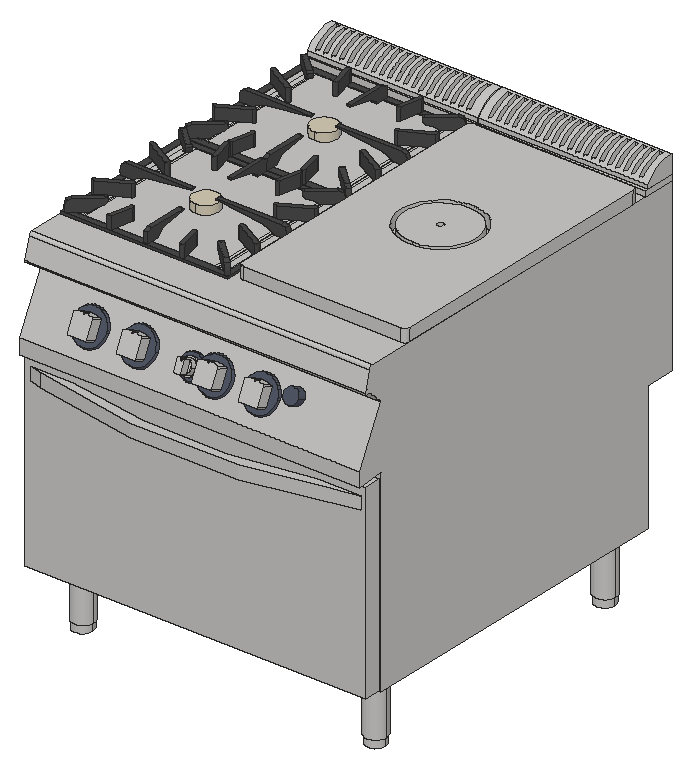
Revit family "QF_ZANUSSI_392264_Z9STGH10GA", category Specialty Equipment, Revit 2018 (continued)
Definition of nested family "QF_392020_BURNER"
  Automatic sketch dimensions
    Extrusion 6 sketch curve to plane 10 = 64.377 mm
    Extrusion 6 sketch curve to Extrusion 6 sketch curve = 326.397 mm
    Extrusion 6 sketch curve to plane 6 "TOP" = 28.141 mm
    Extrusion 6 sketch curve to Extrusion 6 sketch curve = 16.281 mm
    Extrusion 6 sketch curve to Extrusion 6 sketch curve = 1.035 mm
    Extrusion 6 sketch curve to Extrusion 6 sketch curve = 19.417 mm
    Extrusion 6 sketch curve to Extrusion 6 sketch curve = 4.763 mm  (x2)
    Extrusion 6 sketch curve to Extrusion 6 sketch curve = 3.716 mm
    plane 10 to Extrusion 7 sketch curve = 5 mm  (x2)
    Extrusion 7 sketch curve to Extrusion 7 sketch curve = 2.692 mm  (x2)
    Extrusion 7 sketch curve to Extrusion 7 sketch curve = 10.213 mm  (x2)
    plane 10 to Extrusion 7 sketch curve = 12.281 mm
    Extrusion 7 sketch curve to Extrusion 7 sketch curve = 29.348 mm  (x2)
    Extrusion 7 sketch curve to Extrusion 7 sketch curve = 3.155 mm  (x2)
    Extrusion 7 sketch curve to Extrusion 7 sketch curve = 22.572 mm
    Extrusion 7 sketch curve to Extrusion 7 sketch curve = 8.81 mm
    Extrusion 7 sketch curve to Extrusion 7 sketch curve = 9.845 mm  (x2)
    Extrusion 7 sketch curve to Extrusion 7 sketch curve = 3.99 mm  (x2)
    Extrusion 7 sketch curve to Extrusion 7 sketch curve = 0 mm  (x2)
    Extrusion 7 sketch curve to Extrusion 7 sketch curve = 21.306 mm
    Extrusion 7 sketch curve to plane 10 = 64.377 mm  (x2)
    Extrusion 7 sketch curve to Extrusion 7 sketch curve = 326.397 mm
    Extrusion 7 sketch curve to plane 6 "TOP" = 28.141 mm
    Extrusion 7 sketch curve to Extrusion 7 sketch curve = 16.281 mm
    Extrusion 7 sketch curve to Extrusion 7 sketch curve = 1.035 mm
    Extrusion 7 sketch curve to Extrusion 7 sketch curve = 19.417 mm
    Extrusion 7 sketch curve to Extrusion 7 sketch curve = 7.281 mm
    Extrusion 7 sketch curve to Extrusion 7 sketch curve = 10.713 mm
    curve 58 to curve 12 = 72.824 mm
    curve 30 to curve 30 = 73.227 mm
    curve 58 to curve 5 = 10.263 mm
    curve 5 to curve 58 = 0 mm
    curve 59 to curve 30 = 10.263 mm
    curve 30 to curve 8 = 9.4 mm
    curve 31 to curve 32 = 0 mm
    curve 33 to curve 38 = 0 mm  (x2)
    curve 33 to curve 39 = 0 mm  (x2)
    curve 33 to curve 40 = 0 mm  (x2)
    plane 1 "BACK" to curve 41 = 0 mm
    curve 41 to plane 3 "LEFT" = 0 mm
    curve 31 to plane 7 "Center Y" = 0 mm
    curve 33 to plane 7 "Center Y" = 0 mm
    curve 41 to plane 4 "RIGHT" = 0 mm
    plane 3 "LEFT" to curve 76 = 1.326 mm
    plane 3 "LEFT" to curve 64 = 1.326 mm
    plane 3 "LEFT" to curve 44 = 2.995 mm
    plane 3 "LEFT" to curve 46 = 2.995 mm
    curve 43 to curve 43 = 2.408 mm
    curve 46 to curve 47 = 2.408 mm
    curve 47 to curve 47 = 2.408 mm
    curve 43 to curve 42 = 2.408 mm
    curve 76 to plane 5 "FRONT" = 0.514 mm
    plane 3 "LEFT" to curve 76 = 8.029 mm
    plane 1 "BACK" to curve 62 = 0.514 mm
    plane 3 "LEFT" to curve 62 = 8.029 mm
    curve 48 to curve 75 = 50.941 mm
    curve 43 to curve 63 = 50.941 mm
    curve 75 to curve 75 = 3.351 mm
    curve 63 to curve 63 = 3.351 mm
    plane 1 "BACK" to curve 62 = 52.383 mm
    curve 63 to curve 62 = 3.351 mm
    curve 74 to plane 5 "FRONT" = 52.383 mm
    curve 75 to curve 74 = 3.351 mm
    plane 3 "LEFT" to curve 46 = 65.629 mm
    plane 3 "LEFT" to curve 44 = 65.629 mm
    curve 45 to curve 45 = 2.408 mm
    curve 46 to curve 49 = 2.408 mm
    curve 49 to curve 48 = 2.408 mm
    curve 45 to curve 42 = 2.408 mm
    curve 38 to plane 8 "Center X" = 2.597 mm
    curve 38 to plane 7 "Center Y" = 51.172 mm
    curve 33 to plane 8 "Center X" = 2.597 mm
    curve 38 to curve 33 = 12.999 mm
    curve 33 to plane 7 "Center Y" = 5 mm
    curve 38 to plane 7 "Center Y" = 5 mm
    curve 31 to curve 33 = 0 mm
    plane 7 "Center Y" to curve 32 = 5 mm
    plane 7 "Center Y" to curve 40 = 5 mm
    curve 39 to curve 32 = 0 mm
    curve 39 to plane 8 "Center X" = 2.597 mm
    plane 7 "Center Y" to curve 39 = 38.172 mm
    curve 40 to plane 8 "Center X" = 2.704 mm
    curve 39 to curve 40 = 12.979 mm
    curve 50 to plane 4 "RIGHT" = 70.445 mm
    curve 57 to plane 4 "RIGHT" = 70.445 mm
    curve 50 to curve 53 = 2.408 mm
    curve 57 to curve 57 = 2.408 mm  (x2)
    curve 53 to curve 53 = 2.408 mm
    curve 71 to curve 71 = 3.351 mm
    curve 67 to curve 67 = 3.351 mm
    curve 71 to curve 69 = 3.351 mm
    curve 67 to curve 65 = 3.351 mm
    curve 60 to plane 4 "RIGHT" = 15 mm
    curve 72 to plane 5 "FRONT" = 0.514 mm
    curve 72 to plane 4 "RIGHT" = 8.029 mm
    plane 1 "BACK" to curve 68 = 0.514 mm
    curve 68 to plane 4 "RIGHT" = 8.029 mm
    curve 50 to plane 4 "RIGHT" = 7.81 mm
    curve 55 to plane 4 "RIGHT" = 7.81 mm
    curve 55 to curve 55 = 2.408 mm
    curve 50 to curve 51 = 2.408 mm
    curve 55 to plane 4 "RIGHT" = 2.995 mm
    curve 51 to plane 4 "RIGHT" = 2.995 mm
    curve 69 to plane 4 "RIGHT" = 1.326 mm
    curve 65 to plane 4 "RIGHT" = 1.326 mm
    curve 72 to plane 5 "FRONT" = 7.935 mm
    curve 60 to plane 5 "FRONT" = 20.286 mm
    curve 71 to curve 56 = 27.93 mm
    curve 73 to curve 48 = 27.93 mm
    curve 47 to curve 47 = 4.382 mm
    curve 55 to curve 55 = 4.382 mm
    curve 56 to plane 8 "Center X" = 55.651 mm
    curve 48 to plane 8 "Center X" = 55.651 mm
    curve 57 to curve 57 = 4.382 mm
    curve 49 to curve 49 = 4.382 mm
    curve 40 to plane 8 "Center X" = 44.773 mm
    curve 39 to curve 32 = 4.818 mm
    plane 8 "Center X" to curve 31 = 2.403 mm
    plane 8 "Center X" to curve 45 = 46.886 mm
    plane 8 "Center X" to curve 52 = 46.886 mm
    curve 53 to curve 53 = 4.382 mm
    curve 45 to curve 45 = 4.382 mm
    curve 53 to curve 52 = 34.416 mm
    curve 44 to curve 61 = 36.694 mm
    curve 43 to curve 43 = 4.382 mm
    curve 51 to curve 51 = 4.382 mm
    curve 51 to curve 65 = 27.93 mm
    plane 1 "BACK" to curve 83 = 20.286 mm
    plane 1 "BACK" to curve 88 = 15 mm
    plane 1 "BACK" to curve 77 = 15 mm
    curve 77 to curve 83 = 30.799 mm
    curve 78 to plane 5 "FRONT" = 15 mm
    curve 80 to curve 71 = 7.989 mm
    curve 78 to curve 60 = 30.799 mm
    curve 78 to curve 80 = 13.475 mm
    curve 55 to curve 79 = 10.979 mm
    curve 82 to curve 57 = 6.514 mm
    curve 80 to curve 78 = 0 mm
    curve 80 to curve 82 = 11.41 mm
    curve 77 to curve 66 = 37.77 mm
    curve 60 to curve 79 = 11.41 mm
    plane 8 "Center X" to curve 81 = 7.403 mm
    plane 8 "Center X" to curve 84 = 7.403 mm
    curve 82 to plane 8 "Center X" = 2.597 mm
    curve 82 to curve 84 = 0 mm
    curve 79 to plane 8 "Center X" = 2.597 mm
    curve 79 to curve 81 = 0 mm
    curve 81 to curve 51 = 10.979 mm
    curve 53 to curve 85 = 17.924 mm
    curve 84 to curve 81 = 30.799 mm
    curve 84 to curve 85 = 11.41 mm
    curve 52 to curve 84 = 19.83 mm
    curve 81 to curve 83 = 11.41 mm
    curve 67 to curve 85 = 7.989 mm
    curve 85 to curve 77 = 0 mm
    curve 85 to curve 77 = 13.475 mm
    curve 86 to curve 37 = 26.152 mm
    curve 4 to curve 86 = 10.263 mm
    curve 86 to curve 4 = 0 mm
    curve 36 to curve 21 = 26.152 mm
    curve 88 to curve 88 = 25 mm
    plane 8 "Center X" to curve 89 = 69.193 mm
    curve 43 to curve 90 = 9.597 mm
    curve 43 to curve 90 = 0.432 mm
    plane 1 "BACK" to curve 90 = 20.286 mm
    curve 93 to plane 8 "Center X" = 2.597 mm
    plane 8 "Center X" to curve 91 = 7.403 mm
    curve 95 to plane 8 "Center X" = 69.193 mm
    curve 93 to curve 94 = 28.333 mm
    curve 95 to curve 12 = 33.104 mm
    curve 21 to curve 87 = 10.263 mm
    curve 87 to curve 21 = 0 mm
    curve 91 to curve 90 = 11.41 mm
    curve 89 to curve 87 = 21.732 mm
    curve 89 to curve 92 = 11.41 mm
    curve 92 to curve 89 = 0 mm
    plane 8 "Center X" to curve 92 = 7.403 mm
    curve 91 to curve 90 = 0 mm
    curve 93 to curve 95 = 0 mm
    curve 93 to curve 95 = 11.41 mm
    curve 11 to curve 94 = 0 mm
    curve 11 to curve 94 = 11.41 mm
    curve 95 to curve 11 = 30.799 mm
    curve 95 to curve 12 = 13.475 mm
    plane 3 "LEFT" to curve 95 = 45.799 mm
    curve 95 to curve 5 = 33.104 mm
    Extrusion 8 sketch curve to Extrusion 3 = 5.275 mm  (x2)
    Extrusion 8 sketch curve to Extrusion 8 sketch curve = 1.125 mm  (x16)
    Extrusion 3 to Extrusion 8 sketch curve = 38.711 mm  (x2)
    Extrusion 8 sketch curve to Extrusion 3 = 7.19 mm  (x3)
    Extrusion 3 to Extrusion 8 sketch curve = 72.734 mm  (x2)
    Extrusion 8 sketch curve to Extrusion 8 sketch curve = 4.382 mm  (x16)
    Extrusion 8 sketch curve to Extrusion 3 = 2.995 mm  (x4)
    Extrusion 8 sketch curve to Extrusion 8 sketch curve = 34.416 mm  (x4)
    Extrusion 3 to Extrusion 8 sketch curve = 50.629 mm  (x3)
    Extrusion 8 sketch curve to Extrusion 8 sketch curve = 93.773 mm  (x2)
    Extrusion 3 to Extrusion 8 sketch curve = 40.96 mm  (x2)
    Extrusion 8 sketch curve to Extrusion 3 = 7.476 mm  (x2)
    Extrusion 8 sketch curve to Extrusion 8 sketch curve = 2.408 mm  (x4)
    Extrusion 3 to Extrusion 8 sketch curve = 91.634 mm  (x2)
    Extrusion 8 sketch curve to Extrusion 8 sketch curve = 4.872 mm  (x8)
    Extrusion 8 sketch curve to Extrusion 8 sketch curve = 11.182 mm  (x4)
    Extrusion 3 to Extrusion 8 sketch curve = 112.56 mm
    Extrusion 8 sketch curve to Extrusion 8 sketch curve = 61.931 mm
    Extrusion 3 to Extrusion 8 sketch curve = 55.445 mm
    Extrusion 8 sketch curve to Extrusion 8 sketch curve = 4.816 mm
    curve 67 to curve 85 = 19.656 mm
    curve 71 to curve 80 = 19.656 mm
    curve 99 to plane 5 "FRONT" = 7.524 mm
    curve 74 to curve 99 = 41.179 mm
    curve 98 to curve 99 = 4.872 mm
    curve 96 to plane 5 "FRONT" = 5.275 mm
    curve 99 to curve 96 = 4.872 mm
    curve 99 to curve 98 = 11.182 mm
    curve 98 to curve 97 = 4.872 mm
    curve 96 to plane 5 "FRONT" = 53.711 mm
    curve 97 to curve 96 = 4.872 mm
    curve 97 to curve 97 = 1.125 mm
    curve 103 to curve 70 = 62.105 mm
    curve 103 to curve 103 = 4.872 mm  (x2)
    curve 100 to plane 5 "FRONT" = 5.275 mm
    curve 100 to curve 100 = 11.182 mm
    curve 101 to curve 101 = 4.872 mm
    curve 102 to plane 5 "FRONT" = 7.524 mm
    curve 101 to curve 102 = 4.872 mm
    curve 100 to curve 100 = 48.436 mm
    curve 103 to curve 103 = 1.125 mm
    curve 106 to curve 67 = 62.105 mm
    curve 107 to curve 107 = 4.872 mm
    plane 1 "BACK" to curve 104 = 55.96 mm
    curve 107 to curve 104 = 4.872 mm
    plane 1 "BACK" to curve 105 = 5.275 mm
    curve 107 to curve 105 = 11.182 mm
    curve 105 to curve 105 = 4.872 mm  (x2)
    curve 107 to curve 107 = 1.125 mm
    plane 1 "BACK" to curve 104 = 7.524 mm
    plane 1 "BACK" to curve 109 = 7.524 mm
    curve 62 to curve 109 = 41.179 mm
    curve 109 to curve 109 = 4.872 mm
    plane 1 "BACK" to curve 108 = 5.275 mm
    curve 109 to curve 108 = 4.872 mm
    curve 110 to curve 111 = 11.182 mm
    curve 110 to curve 111 = 4.872 mm
    plane 1 "BACK" to curve 108 = 53.711 mm
    curve 111 to curve 108 = 4.872 mm
    curve 111 to curve 108 = 2.25 mm
    radius of Extrusion 4 sketch curve = 30 mm
